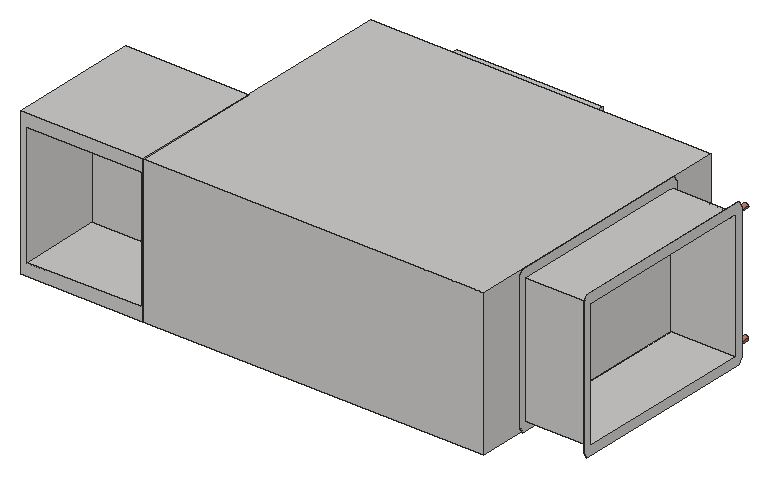
Revit family
Parameters
  Width = 3' - 3"
  Voltage = 208 V
  Unit Weight = if(Number of Rows = 1, "272.0 lbs", if(Number of Rows = 2, "277.0 lbs", "0"))  # "272.0 lbs"
  UltraLoc Liner = Choose Liner Option = 3  # no
  URL = "http://www.titus-hvac.com/"
  UL = "181"
  Supply Air Flow [instance] = 0 CFM
  SteriLoc Liner = Choose Liner Option = 2  # no
  Secondary Material = Copper Connectors
  Primary Air Pressure Drop [instance] = 0.00 in-wg
  Primary Air Flow [instance] = 0 CFM
  Pressure [instance] = 0.00 psi
  Plenum Air Pressure Drop [instance] = 0.00 in-wg
  Plenum Air Flow [instance] = 0 CFM
  Outlet Width = 2' - 1"
  Outlet Height = 1' - 5 1/2"
  Number of Rows = 1
  Number of Poles = 2
  Nominal Width = Width + 0' 6 1/4"  # 3' - 9 1/4"
  Nominal Length = Length + 1' 4 7/8" + 0' 9"  # 6' - 0 5/8"
  Nominal Inlet Size = 1' - 2"
  Nominal Height = 1' - 8"
  NFPA = "90A"
  Motor Full Load Amps [instance] = 4.2 A
  Model = "DTFS-F"
  Min. Air Flow = 0 CFM
  Max. Air Flow = 3000 CFM
  Material = Galvanized Steel
  Manufacturer = "Titus"
  Length = 3' - 10 3/4"
  Juction Box Offset = 0' - 6 7/8"
  Inlet Diameter = Nominal Inlet Size - 0' 0 1/8"  # 1' - 1 7/8"
  Induced Air Inlet Width = 1' - 4 7/8"
  Induced Air Inlet Offset = (Nominal Height - Induced Air Inlet Connection Height) / 2  # 0' - 1 11/16"
  Induced Air Inlet Height = 1' - 6 1/8"
  Induced Air Inlet Connection Width = 1' - 3 3/4"
  Induced Air Inlet Connection Height = 1' - 4 5/8"
  Induced Air Filter = no
  Heating Total Capacity [instance] = 0 Btu/h
  Heating Entering Water Temp = 0 °F
  Half Outlet Width = 1' - 0 1/2"
  Half Outlet Connection Width = Outlet Width / 2  # 1' - 0 1/2"
  Half Outlet Connection Height = Outlet Height / 2  # 0' - 8 3/4"
  Half Height Start = -(Nominal Height / 2)  # -0' - 10"
  Half Height End = Nominal Height / 2  # 0' - 10"
  HWC Option = HWC Section : D-E - 1 Row
  HWC Connector Radius = 5/16"
  HWC Connector Length = 0' - 3"
  HP-Motor = "3/4"
  Gallons Per Minute [instance] = 0 GPM
  Frequency = 60 Hz
  Flange Offset = 0' - 1 1/4"
  Filter Size = "18\"x17\""
  Fiber Free Liner = Choose Liner Option = 1  # no
  Fan Disconnect Switch = no
  Duct Radius = Nominal Inlet Size / 2  # 0' - 7"
  Description = "Ultra Quiet Series Fan Powered Terminal Unit, Direct Digital Control, Pressure Independent"
  Connector Vertical Offset = if(Number of Rows = 1, 1' 4 1/4", if(Number of Rows = 2, 1' 4 3/4", 0' 0"))  # 1' - 4 1/4"
  Connector Horizontal Offset = if(Number of Rows = 1, 0' 0", if(Number of Rows = 2, 0' 1", 0' 0"))  # 0' - 0"
  Connection Void Radius = Connection Radius - 0' 0 1/4"  # 0' - 6 11/16"
  Connection Radius = Inlet Diameter / 2  # 0' - 6 15/16"
  Choose Liner Option = 0
  CADworks URL = "www.CADworks.net"
  Assembly Code = "D3040100"
  Apparent Power [instance] = Voltage * Motor Full Load Amps  # 873.6 VA
  Air Inlet Offset = 0' - 10"
  1/2" Fiberglass Liner = Choose Liner Option = 0  # yes
  1" Fiberglass Liner = Choose Liner Option = 4  # no
Reference planes (in)
  plane 1 "Center (Front/Back)": y = 0
  plane 2: z = 0
  plane 3 "Center (Left/Right)": x = 3
  plane 4: x = -20.375
  plane 5: x = 26.375
  plane 6: x = -13.5
  plane 7: x = -23.75
  plane 8 "Center (Elevation)": z = 0
  plane 9: y = -19.5
  plane 10: y = 19.5
  plane 11: y = 9.5
  plane 12: y = -8.25
  plane 13: z = 0.6875
  plane 14: z = -6.875
  plane 15: x = 35.375
  plane 16: x = 34.375
  plane 17: x = 34.375
  plane 18: y = 15.5
  plane 19: z = -8.125
  plane 20: z = 8.125
  plane 21: y = -12.5
  plane 22: y = 12.5
  plane 23: z = 10
  plane 24: z = -10
  plane 25: y = 25.75
  plane 26: x = -37.25
Forms (in)
  Extrusion 1, solid, material "Galvanized Steel" <- "Material"
    sketch origin (0, 0, 0) x (1, 0, 0) y (0, 1, 0)
      loop
        line (-20.375, 19.5) -> (-20.375, -19.5) -> (26.375, -19.5) -> (26.375, 19.5) -> (-20.375, 19.5)
    from -10 <- "Half Height Start" to 10 <- "Half Height End"
  Extrusion 2, solid, material "Galvanized Steel" <- "Material"
    sketch origin (0, 0, 0) x (1, 0, 0) y (0, 1, 0)
      loop
        line (-37.25, -1.375) -> (-37.25, -19.5) -> (-20.375, -19.5) -> (-20.375, -1.375) -> (-37.25, -1.375)
    from -10 <- "Half Height Start" to 10 <- "Half Height End"
  Extrusion 3, void, detail levels fine
    sketch origin (0, -19.5, 0) x (1, 0, 0) y (0, 0, -1)
      loop
        line (-20.625, 8.3125) -> (-36.375, 8.3125) -> (-36.375, -8.3125) -> (-20.625, -8.3125) -> (-20.625, 8.3125)
    from 0 to 11.25
  Extrusion 4, solid, material "Galvanized Steel" <- "Material"
    sketch origin (3.125, 0, 0) x (1, 0, 0) y (0, 1, 0)
      loop
        line (-16.625, 19.5) -> (3.375, 19.5) -> (3.375, 25.75) -> (-16.625, 25.75) -> (-16.625, 19.5)
    from -6 to 6
  Extrusion 5, solid, material "Galvanized Steel" <- "Material"
    sketch origin (-24.875, -3, 0) x (0, 0, -1) y (0, 1, 0)
      loop
        circle (0, 12.5) r 6.9375
    from 1.125 to 4.5
  Extrusion 6, void, detail levels fine
    sketch origin (-24.875, 0, 0) x (0, 1, 0) y (0, 0, 1)
      loop
        circle (9.5, 0) r 6.6875
    from 1.125 to 11.375
  Extrusion 7, void, detail levels fine
    sketch origin (35.375, -12.5, 8.75) x (0, 0, 1) y (0, -1, 0)
      loop
        line (-17.5, 0) -> (-17.5, -25) -> (0, -25) -> (0, 0) -> (-17.5, 0)
    from -0.0625 to 0
  Extrusion 8, solid, material "Copper Connectors" <- "Secondary Material", detail levels fine
    sketch origin (0, 0, 0) x (1, 0, 0) y (0, 0, 1)
      loop
        circle (34.375, 8.125) r 0.3125
    from -15.5 to -12.5625
  Extrusion 9, solid, material "Copper Connectors" <- "Secondary Material", detail levels fine
    sketch origin (0, 0, 0) x (1, 0, 0) y (0, 0, 1)
      loop
        circle (34.375, -8.125) r 0.3125
    from -15.5 to -12.5625
Cuts and joins
  Extrusion 3 cuts Extrusion 2
  Extrusion 6 cuts Extrusion 1
  Extrusion 6 cuts Extrusion 5
Dimensions and locks (in)
  "Length": plane 5 to plane 4
  equal spacing: plane 5, plane 3 "Center (Left/Right)", plane 4
  locked: Extrusion 4 to Extrusion 4 at 20
  "Juction Box Offset": plane 6 to plane 4
  locked: plane 4 to plane 7 at 3.375
  "Width": plane 9 to plane 10
  equal spacing: plane 9, plane 1 "Center (Front/Back)", plane 10
  locked: Extrusion 5 sketch curve to level at 0
  locked: Extrusion 5 sketch curve to plane 11 at 0
  locked: Extrusion 6 sketch curve to level at 0
  locked: Extrusion 6 sketch curve to plane 11 at 0
  locked: Extrusion 4 to Extrusion 4 at 6.25
  locked: Extrusion 4 to Extrusion 4 at 12
  equal spacing: Extrusion 4, plane 8 "Center (Elevation)", Extrusion 4
  locked: plane 12 to plane 9 at 11.25
  "Air Inlet Offset": plane 10 to plane 11
  "Induced Air Inlet Height": cut or joined group of Extrusion 2, Extrusion 3 to cut or joined group of Extrusion 2, Extrusion 3
  locked: cut or joined group of Extrusion 5, Extrusion 6 to cut or joined group of Extrusion 5, Extrusion 6 at 3.375
  locked: plane 12 to plane 12 at 0
  "Induced Air Inlet Connection Height": Extrusion 3 sketch curve to Extrusion 3 sketch curve
  "Induced Air Inlet Offset": Extrusion 3 sketch curve to cut or joined group of Extrusion 2, Extrusion 3
  "Induced Air Inlet Connection Width": Extrusion 3 sketch curve to Extrusion 3 sketch curve
  locked: Extrusion 3 sketch curve to cut or joined group of Extrusion 1, Extrusion 6 at 0.25
  "Connector Vertical Offset": plane 20 to plane 19
  equal spacing: plane 20, plane 8 "Center (Elevation)", plane 19
  locked: plane 15 to plane 5 at 9
  locked: plane 15 to plane 16 at 1
  "Connector Horizontal Offset": plane 16 to plane 17
  locked: Extrusion 8 sketch curve to plane 17 at 0
  locked: Extrusion 8 sketch curve to plane 20 at 0
  locked: Extrusion 9 sketch curve to plane 16 at 0
  locked: Extrusion 9 sketch curve to plane 19 at 0
  "HWC Connector Length": plane 18 to plane 22
  locked: cut or joined group of Extrusion 1, Extrusion 6 to Extrusion 7 at 9
  locked: cut or joined group of Extrusion 2, Extrusion 3 to cut or joined group of Extrusion 2, Extrusion 3 at 16.875
  locked: cut or joined group of Extrusion 2, Extrusion 3 to cut or joined group of Extrusion 2, Extrusion 3 at 20
  equal spacing: cut or joined group of Extrusion 2, Extrusion 3, plane 8 "Center (Elevation)", cut or joined group of Extrusion 2, Extrusion 3
  locked: cut or joined group of Extrusion 1, Extrusion 6 to cut or joined group of Extrusion 1, Extrusion 6 at 20
  equal spacing: cut or joined group of Extrusion 1, Extrusion 6, plane 8 "Center (Elevation)", cut or joined group of Extrusion 1, Extrusion 6
  locked: nested 1 to cut or joined group of Extrusion 1, Extrusion 6 at 1.1875
  locked: cut or joined group of Extrusion 1, Extrusion 6 to nested 1 at 1.1875
  "Connection Radius": radius of Extrusion 5 sketch curve
  "Connection Void Radius": radius of Extrusion 6 sketch curve
  "HWC Connector Radius": radius of Extrusion 8 sketch curve
  "HWC Connector Radius": radius of Extrusion 9 sketch curve
  aligned and locked: plane 10 to Extrusion 4
  aligned and locked: plane 6 to Extrusion 4
  aligned and locked: plane 7 to cut or joined group of Extrusion 5, Extrusion 6
  aligned and locked: plane 18 to Extrusion 8
  aligned and locked: plane 18 to Extrusion 9
  aligned and locked: plane 9 to cut or joined group of Extrusion 2, Extrusion 3  (x3)
  aligned and locked: plane 5 to nested 1
  aligned and locked: plane 15 to nested 1
  aligned and locked: plane 18 to nested 1  (x2)
  aligned and locked: plane 21 to nested 1
  aligned and locked: plane 22 to nested 1
  aligned and locked: plane 5 to cut or joined group of Extrusion 1, Extrusion 6
  aligned and locked: cut or joined group of Extrusion 1, Extrusion 6 to nested 1
  aligned and locked: cut or joined group of Extrusion 1, Extrusion 6 to plane 10
  aligned and locked: Extrusion 4 to cut or joined group of Extrusion 1, Extrusion 6  (x2)
  aligned and locked: cut or joined group of Extrusion 1, Extrusion 6 to plane 4
  aligned and locked: plane 9 to cut or joined group of Extrusion 1, Extrusion 6
  aligned and locked: cut or joined group of Extrusion 5, Extrusion 6 to cut or joined group of Extrusion 1, Extrusion 6
  aligned and locked: nested 1 to cut or joined group of Extrusion 1, Extrusion 6
  aligned and locked: plane 6 to Extrusion 6
  aligned and locked: Extrusion 6 to plane 7
  aligned and locked: Extrusion 3 to plane 12
  aligned and locked: plane 25 to Extrusion 4
  aligned and locked: plane 26 to cut or joined group of Extrusion 2, Extrusion 3
  aligned and locked: plane 23 to cut or joined group of Extrusion 2, Extrusion 3
  aligned and locked: plane 24 to cut or joined group of Extrusion 2, Extrusion 3
  aligned and locked: plane 24 to cut or joined group of Extrusion 1, Extrusion 6
  aligned and locked: plane 23 to cut or joined group of Extrusion 1, Extrusion 6
Automatic sketch dimensions
  Extrusion 1 sketch curve to plane 4 = 0' - 0"
  Extrusion 1 sketch curve to plane 5 = 0' - 0"
  Extrusion 1 sketch curve to plane 9 = 0' - 0"
  Extrusion 1 sketch curve to plane 10 = 0' - 0"
  Extrusion 2 sketch curve to plane 4 = 0' - 0"
  Extrusion 2 sketch curve to plane 9 = 0' - 0"
  plane 1 "Center (Front/Back)" to Extrusion 2 sketch curve = 0' - 1 3/8"
  Extrusion 4 sketch curve to plane 6 = 0' - 0"
  Extrusion 4 sketch curve to plane 10 = 0' - 0"
  plane 3 "Center (Left/Right)" to Extrusion 4 sketch curve = 0' - 3 1/2"
  Extrusion 4 sketch curve to plane 10 = 0' - 6 1/4"
  Extrusion 2 sketch curve to plane 7 = 1' - 1 1/2"
  Extrusion 7 sketch curve to nested 1 = 0' - 0"  (x4)
Nested families (in)
  nested 1: "HWC Section" at (30.875, 0, 0) x (0, 1, 0) z (0, 0, 1), type <- "HWC Option", type "D-E - 1 Row"
Connectors (in)
  electrical at (-3.5, 25.75, 0), driven by "Apparent Power", driven by "Voltage", driven by "Number of Poles"
    settings: on Extrusion 4, index 8
  hvac at (-23.75, 9.5, 0), driven by "Duct Radius", driven by "Primary Air Pressure Drop", driven by "Primary Air Flow"
    settings: on cut or joined group of Extrusion 5, Extrusion 6, index 9
  hvac at (-28.5, -19.5, 0), driven by "Induced Air Inlet Connection Height", driven by "Induced Air Inlet Connection Width", driven by "Plenum Air Pressure Drop", driven by "Plenum Air Flow"
    settings: on cut or joined group of Extrusion 2, Extrusion 3, index 11
  hvac at (35.375, 0, 0), driven by "Outlet Height", driven by "Outlet Width", driven by "Supply Air Flow"
    settings: on Extrusion 7, index 12
  piping at (34.375, 15.5, 8.125), driven by "Gallons Per Minute", driven by "Pressure", driven by "HWC Connector Radius"
    settings: on Extrusion 8, index 13
  piping at (34.375, 15.5, -8.125), driven by "Gallons Per Minute", driven by "HWC Connector Radius", driven by "Pressure"
    settings: on Extrusion 9, index 14
Definition of nested family "HWC Section"
  Parameters (values of type "B-C - 1 Row")
    Visibility = yes
    Secondary Material = Copper Connectors
    Number of Rows = 1
    Material = Galvanized Steel
    Half Width = HWC Width / 2  # 0' - 10 1/4"
    Half Length-Start = -(HWC Length / 2)  # -0' - 4 1/2"
    Half Length-End = HWC Length / 2  # 0' - 4 1/2"
    HWC Connection Radius = 5/16"
    Flange Offset = 0' - 1"
    Duct Vertical Offset = HWC Height - 0' 0 1/2"  # 1' - 0"
    Duct Horizontal Offset = HWC Width - 0' 0 1/2"  # 1' - 8"
    Connector Vertical Offset = 0' - 11 3/4"
    HWC Width = 1' - 8 1/2"
    HWC Height = 1' - 0 1/2"
    HWC Length = 0' - 9"  # constant formula
    Gallons Per Minute = 0 GPM
    Connector Length = 0' - 3"
    Connector Horizontal Offset = 0' - 0"
  Types (5): name | Number of Rows | Half Width | Flange Offset | Duct Vertical Offset | Duct Horizontal Offset | Connector Vertical Offset | HWC Width | HWC Height | Connector Horizontal Offset
    (no name) | 1 | 0' - 10 1/4" | 0' - 1" | 1' - 0" | 1' - 8" | 0' - 11 3/4" | 1' - 8 1/2" | 1' - 0 1/2" | 0' - 0"
    B-C - 1 Row | 1 | 0' - 10 1/4" | 0' - 1" | 1' - 0" | 1' - 8" | 0' - 11 3/4" | 1' - 8 1/2" | 1' - 0 1/2" | 0' - 0"
    B-C - 2 Row | 2 | 0' - 10 1/4" | 0' - 1" | 1' - 0" | 1' - 8" | 0' - 11 3/4" | 1' - 8 1/2" | 1' - 0 1/2" | 0' - 1"
    D-E - 1 Row | 1 | 1' - 0 1/2" | 0' - 1 1/4" | 1' - 5" | 2' - 0 1/2" | 1' - 4 1/4" | 2' - 1" | 1' - 5 1/2" | 0' - 0"
    D-E - 2 Row | 2 | 1' - 0 1/2" | 0' - 1 1/4" | 1' - 5" | 2' - 0 1/2" | 1' - 4 3/4" | 2' - 1" | 1' - 5 1/2" | 0' - 1"
  Reference planes (in)
    plane 1 "Center (Front/Back)": y = 0
    plane 2: z = 0
    plane 3 "Center (Left/Right)": x = 0
    plane 4: x = -10.25
    plane 5: x = 10.25
    plane 6: y = 4.5
    plane 7: y = -4.5
    plane 8: z = 6.25
    plane 9: z = -6.25
    plane 10: z = 5.875
    plane 11: z = -5.875
    plane 12: y = 3.5
    plane 13: y = 3.5
    plane 14: x = 13.25
  Forms (in)
    Extrusion 1, solid, material "Galvanized Steel" <- "Material", visible <- "Visibility"
      sketch origin (0, 0, 0) x (1, 0, 0) y (0, 0, 1)
        loop
          line (-10.3125, 6.3125) -> (-10.3125, -6.3125) -> (10.3125, -6.3125) -> (10.3125, 6.3125) -> (-10.3125, 6.3125)
      from -4.375 <- "Half Length-Start" to 4.5 <- "Half Length-End"
    Extrusion 2, void, detail levels fine
      sketch origin (0, 0, 0) x (1, 0, 0) y (0, 0, 1)
        loop
          line (-10.25, -6.25) -> (10.25, -6.25) -> (10.25, 6.25) -> (-10.25, 6.25) -> (-10.25, -6.25)
      from -4.5 <- "Half Length-Start" to 4.5 <- "Half Length-End"
    Extrusion 3, solid, material "Copper Connectors" <- "Secondary Material", visible <- "Visibility"
      sketch origin (6, 2.625, 0) x (0, 1, 0) y (0, 0, 1)
        loop
          circle (0.875, -5.875) r 0.3125
      from 4.3125 to 7.25
    Extrusion 4, solid, material "Galvanized Steel" <- "Material", visible <- "Visibility"
      sketch origin (0, -4.375, 0) x (1, 0, 0) y (0, 0, 1)
        loop
          line (-10.25, 6.25) -> (-10.25, -6.25) -> (10.25, -6.25) -> (10.25, 6.25) -> (-10.25, 6.25)
        loop
          line (-11.25, 6.75) -> (-11.25, -6.75) -> (-10.75, -7.25) -> (10.75, -7.25) -> (11.25, -6.75) -> (11.25, 6.75) -> (10.75, 7.25) -> (-10.75, 7.25) -> (-11.25, 6.75)
      from 0 to 0.125
    Extrusion 5, solid, material "Copper Connectors" <- "Secondary Material", visible <- "Visibility"
      sketch origin (6, -0.5, 0) x (0, 1, 0) y (0, 0, 1)
        loop
          circle (4, 5.875) r 0.3125
      from 4.3125 to 7.25
    Extrusion 6, solid, material "Galvanized Steel" <- "Material", visible <- "Visibility"
      sketch origin (0, 4.375, 0) x (1, 0, 0) y (0, 0, -1)
        loop
          line (-10.25, -6.25) -> (10.25, -6.25) -> (10.25, 6.25) -> (-10.25, 6.25) -> (-10.25, -6.25)
        loop
          line (-11.25, -6.75) -> (-10.75, -7.25) -> (10.75, -7.25) -> (11.25, -6.75) -> (11.25, 6.75) -> (10.75, 7.25) -> (-10.75, 7.25) -> (-11.25, 6.75) -> (-11.25, -6.75)
      from 0 to 0.125
  Cuts and joins
    Extrusion 2 cuts Extrusion 1
    joined: Extrusion 1, Extrusion 4, Extrusion 6
  Dimensions and locks (in)
    "HWC Width": plane 4 to plane 5
    equal spacing: plane 4, plane 3 "Center (Left/Right)", plane 5
    "HWC Height": plane 8 to plane 9
    equal spacing: plane 8, plane 2, plane 9
    equal spacing: plane 10, plane 2, plane 11
    locked: plane 12 to plane 6 at 1
    "Connector Horizontal Offset": plane 13 to plane 12
    locked: plane 7 to Extrusion 4 at 0.125
    locked: Extrusion 6 to plane 6 at 0.125
    locked: plane 4 to Extrusion 1 sketch curve at 0.0625
    locked: Extrusion 4 to Extrusion 1 sketch curve at 0.0625
    locked: Extrusion 1 sketch curve to plane 8 at 0.0625
    locked: plane 9 to Extrusion 1 sketch curve at 0.0625
    "Connector Length": plane 5 to plane 14
    "HWC Length": plane 6 to plane 7
    equal spacing: plane 6, plane 1 "Center (Front/Back)", plane 7
    "Connector Vertical Offset": plane 10 to plane 11
    equal spacing: plane 10, level, plane 11
    "HWC Width": Extrusion 4 sketch curve to Extrusion 4 sketch curve
    equal spacing: Extrusion 4 sketch curve, plane 3 "Center (Left/Right)", Extrusion 4 sketch curve
    "HWC Height": Extrusion 4 sketch curve to Extrusion 4 sketch curve
    equal spacing: Extrusion 4 sketch curve, plane 2, Extrusion 4 sketch curve
    locked: cut or joined group of Extrusion 1, Extrusion 2, Extrusion 4, Extrusion 6 to plane 4 at 1  (x2)
    locked: cut or joined group of Extrusion 1, Extrusion 2, Extrusion 4, Extrusion 6 to plane 5 at 1  (x2)
    "HWC Width": Extrusion 6 sketch curve to Extrusion 6 sketch curve
    "HWC Height": Extrusion 6 sketch curve to Extrusion 6 sketch curve
    equal spacing: Extrusion 6 sketch curve, plane 3 "Center (Left/Right)", Extrusion 6 sketch curve
    equal spacing: Extrusion 6 sketch curve, plane 2, Extrusion 6 sketch curve
    "HWC Height": Extrusion 2 sketch curve to Extrusion 2 sketch curve
    "HWC Width": Extrusion 2 sketch curve to Extrusion 2 sketch curve
    equal spacing: Extrusion 2 sketch curve, plane 3 "Center (Left/Right)", Extrusion 2 sketch curve
    equal spacing: Extrusion 2 sketch curve, plane 2, Extrusion 2 sketch curve
    locked: plane 5 to Extrusion 3 at 0.0625
    locked: plane 5 to Extrusion 5 at 0.0625
    "Flange Offset": cut or joined group of Extrusion 1, Extrusion 2, Extrusion 4, Extrusion 6 to plane 8
    "Flange Offset": plane 9 to cut or joined group of Extrusion 1, Extrusion 2, Extrusion 4, Extrusion 6
    "Flange Offset": plane 8 to cut or joined group of Extrusion 1, Extrusion 2, Extrusion 4, Extrusion 6
    "Flange Offset": cut or joined group of Extrusion 1, Extrusion 2, Extrusion 4, Extrusion 6 to plane 9
    "HWC Connection Radius": radius of Extrusion 3 sketch curve
    "HWC Connection Radius": radius of Extrusion 5 sketch curve
    aligned and locked: plane 7 to Extrusion 4
    aligned and locked: plane 6 to Extrusion 6
    aligned and locked: plane 14 to Extrusion 5
    aligned and locked: plane 14 to Extrusion 3
    aligned and locked: Extrusion 6 to cut or joined group of Extrusion 1, Extrusion 2, Extrusion 4, Extrusion 6
    aligned and locked: Extrusion 4 to Extrusion 4
  Automatic sketch dimensions
    Extrusion 3 sketch curve to plane 11 = 0' - 0"
    Extrusion 3 sketch curve to plane 12 = 0' - 0"
    Extrusion 5 sketch curve to plane 10 = 0' - 0"
    Extrusion 5 sketch curve to plane 13 = 0' - 0"
    plane 4 to Extrusion 6 sketch curve = 0' - 1"
    plane 4 to Extrusion 6 sketch curve = 0' - 0 1/2"  (x2)
    Extrusion 6 sketch curve to plane 5 = 0' - 0 1/2"  (x2)
    Extrusion 6 sketch curve to Extrusion 6 sketch curve = 0' - 0 1/2"  (x3)
    plane 8 to Extrusion 6 sketch curve = 0' - 0 1/2"  (x2)
    Extrusion 6 sketch curve to plane 9 = 0' - 0 1/2"  (x2)
    plane 4 to Extrusion 4 sketch curve = 0' - 0 1/2"  (x2)
    Extrusion 4 sketch curve to Extrusion 4 sketch curve = 0' - 0 1/2"  (x4)
    Extrusion 4 sketch curve to plane 5 = 0' - 0 1/2"  (x2)
    Extrusion 4 sketch curve to plane 9 = 0' - 0 1/2"  (x2)
    plane 8 to Extrusion 4 sketch curve = 0' - 0 1/2"  (x2)
